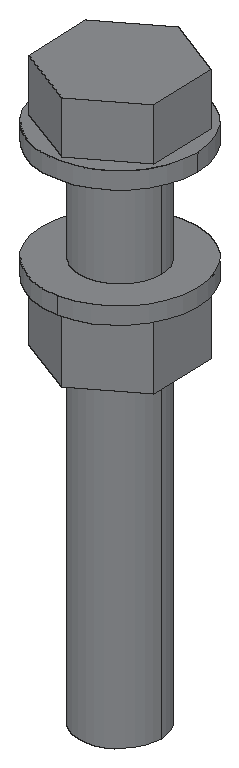
Revit family "Bolt-Assembly-Steel & Tube-ISO Metric", category Structural Connections, host Face, Revit 2017
Family settings
  Host = Face
  Material for Model Behavior = Steel
  OmniClass Number = 23.20.40.11.14.27
  Enable cutting in views = Yes
  Cut with Voids When Loaded = No
  Shared = Yes
Parameters (values of type "M16")
  Width_ANZRS = Nut Cross Section  # 27.713 mm
  Washers [instance] = yes
  Washer Validation [instance] = if(Washer Thickness = 0 mm, 3 mm, Washer Thickness)  # 3.3 mm
  Washer Thickness [instance] = if(not(Washers), 0 mm, if(Bolt Diameter = 3 mm, 0.8 mm, if(Bolt Diameter = 4 mm, 0.9 mm, if(Bolt Diameter = 5 mm, 1.1 mm, if(Bolt Diameter = 6 mm, 1.8 mm, if(Bolt Diameter = 8 mm, 1.8 mm, if(Bolt Diameter = 10 mm, 2.2 mm, if(Bolt Diameter = 12 mm, 2.7 mm, if(Bolt Diameter = 16 mm, 3.3 mm, if(Bolt Diameter = 20 mm, 3.3 mm, if(Bolt Diameter = 24 mm, 4.3 mm, if(Bolt Diameter = 30 mm, 4.3 mm, if(Bolt Diameter = 36 mm, 5.6 mm, 2 mm)))))))))))))  # 3.3 mm
  Washer Diameter = if(Bolt Diameter = 3 mm, 7 mm, if(Bolt Diameter = 4 mm, 9 mm, if(Bolt Diameter = 5 mm, 10 mm, if(Bolt Diameter = 6 mm, 12.5 mm, if(Bolt Diameter = 8 mm, 17 mm, if(Bolt Diameter = 10 mm, 21 mm, if(Bolt Diameter = 12 mm, 24 mm, if(Bolt Diameter = 16 mm, 30 mm, if(Bolt Diameter = 20 mm, 37 mm, if(Bolt Diameter = 24 mm, 44 mm, if(Bolt Diameter = 30 mm, 56 mm, if(Bolt Diameter = 36 mm, 66 mm, 50 mm))))))))))))  # 30 mm
  Uniclass2015Version = "2015"  # constant formula
  Uniclass2015Title = "Cold-formed galvanized steel sections"  # constant formula
  Uniclass2015Code = "Pr_20_76_51_21"  # constant formula
  URL = "http://www.steelandtube.co.nz"
  Type Comments = "Bolt Assembly"  # constant formula
  SpecificationReference = "3411ST"  # constant formula
  SpecificationDescription = "Steel & Tube Purlins & Girts"  # constant formula
  Nut Size = if(Bolt Diameter = 3 mm, 5.5 mm, if(Bolt Diameter = 4 mm, 7 mm, if(Bolt Diameter = 5 mm, 8 mm, if(Bolt Diameter = 6 mm, 10 mm, if(Bolt Diameter = 8 mm, 13 mm, if(Bolt Diameter = 10 mm, 17 mm, if(Bolt Diameter = 12 mm, 19 mm, if(Bolt Diameter = 16 mm, 24 mm, if(Bolt Diameter = 20 mm, 30 mm, if(Bolt Diameter = 24 mm, 36 mm, if(Bolt Diameter = 30 mm, 46 mm, if(Bolt Diameter = 36 mm, 55 mm, 2 mm))))))))))))  # 24 mm
  Nut Cross Section = Nut Size / (cos(30.00°))  # 27.713 mm
  Nut = if(Bolt Diameter = 3 mm, 2.4 mm, if(Bolt Diameter = 4 mm, 3.2 mm, if(Bolt Diameter = 5 mm, 4 mm, if(Bolt Diameter = 6 mm, 5 mm, if(Bolt Diameter = 8 mm, 6.5 mm, if(Bolt Diameter = 10 mm, 8 mm, if(Bolt Diameter = 12 mm, 10 mm, if(Bolt Diameter = 16 mm, 13 mm, if(Bolt Diameter = 20 mm, 16 mm, if(Bolt Diameter = 24 mm, 19 mm, if(Bolt Diameter = 30 mm, 24 mm, if(Bolt Diameter = 36 mm, 29 mm, 2 mm))))))))))))  # 13 mm
  ModifiedIssue_ANZRS = 20160526.01  # constant formula
  Model = if(Bolt Diameter = 3 mm, "M3", if(Bolt Diameter = 4 mm, "M4", if(Bolt Diameter = 5 mm, "M5", if(Bolt Diameter = 6 mm, "M6", if(Bolt Diameter = 8 mm, "M8", if(Bolt Diameter = 10 mm, "M10", if(Bolt Diameter = 12 mm, "M12", if(Bolt Diameter = 16 mm, "M16", if(Bolt Diameter = 20 mm, "M20", if(Bolt Diameter = 24 mm, "M24", if(Bolt Diameter = 30 mm, "M30", if(Bolt Diameter = 36 mm, "M36", "N/A"))))))))))))  # "M16"
  Material_ANZRS = Metal-Steel-450MPa
  Material Thickness [instance] = 20 mm
  ManufacturerURL = "http://www.steelandtube.co.nz"
  ManufacturerName = Manufacturer  # "Steel & Tube"
  Manufacturer = "Steel & Tube"  # constant formula
  Length_ANZRS [instance] = 100 mm
  Length Validation [instance] = if(Length_ANZRS < ((Washer Thickness * 2) + Material Thickness + Nut + 5 mm), (Washer Thickness * 2) + Material Thickness + Nut + 5 mm, Length_ANZRS)  # 100 mm
  Height_ANZRS = Nut Cross Section  # 27.713 mm
  Disclaimer [instance] = "Steel & Tube makes no representations or warranties about the information in this document, including (but not limited to) whether the information, and any materials referred to, are fit for purpose. The user is responsible for ensuring that the information, and any materials referred to, are fit for the purpose for which they are intended to be used. Except as required by law, Steel & Tube is not liable for any cost, loss, claim or expense incurred by any person as a result of any person using or relying on the information in this document."  # constant formula
  Description = "ISO Metric Precision Hexagon Bolt in accordance with BS 3692:2001"  # constant formula
  Default Elevation = 0 mm
  CreatedBy_ANZRS = "Design Content"  # constant formula
  CreatedByURL_ANZRS = "http://www.designcontent.com.au"
  Cove = if(1 = 1, 1.5 * Bolt Diameter, 0 mm)  # 24 mm
  Centreline Size = Nut Size * 2  # 48 mm
  CBIDescription = "Structural steelwork"  # constant formula
  CBICode = "3411"  # constant formula
  Bolt Head = if(Bolt Diameter = 3 mm, 2.125 mm, if(Bolt Diameter = 4 mm, 2.925 mm, if(Bolt Diameter = 5 mm, 3.65 mm, if(Bolt Diameter = 6 mm, 4.15 mm, if(Bolt Diameter = 8 mm, 5.65 mm, if(Bolt Diameter = 10 mm, 7.18 mm, if(Bolt Diameter = 12 mm, 8.18 mm, if(Bolt Diameter = 16 mm, 10.18 mm, if(Bolt Diameter = 20 mm, 13.215 mm, if(Bolt Diameter = 24 mm, 15.215 mm, if(Bolt Diameter = 30 mm, 19.26 mm, if(Bolt Diameter = 36 mm, 23.26 mm, 2 mm))))))))))))  # 10.18 mm
  Bolt Diameter = 16 mm
  Assembly Code = ""
  Arc Height = (Cove / 2) * (1 - (cos((2 * (asin((Cove * tan(30.00°)) / Cove))) / 2)))  # 2.202 mm
Reference planes
  plane 1 "Center (Front/Back)": y = 0
  plane 2 "Surface Top": z = 0
  plane 3 "Center (Left/Right)": x = 0
  plane 4 "Beam Top": y = 13.856
  plane 5 "Beam Bottom": y = -13.856
  plane 6 "Left": x = -13.856
  plane 7 "Right": x = 13.856
  plane 8 "Surface Bottom": z = -20
  plane 9 "Bolt Washer Top": z = 3.3
  plane 10 "Bolt Top": z = 13.48
  plane 11 "Centreline Top": z = 23.48
  plane 12 "Nut Washer Bottom": z = -23.3
  plane 13 "Nut Bottom": z = -36.3
  plane 14 "Bottom": z = -100
  plane 15 "Left Calculated": z = -100
  plane 16 "Centreline Bottom": z = -110
  plane 17: y = 8
  plane 18: y = -8
  plane 19: x = -8
  plane 20: x = 8
Forms (mm)
  Extrusion 1, solid, material "Metal-Steel-450MPa" <- "Material_ANZRS", detail levels fine
    sketch origin (0, 0, 0) x (1, 0, 0) y (0, 1, 0)
      loop
        circle (0, 0) r 8
    from -100 to 3.3
  Extrusion 2, solid, material "Metal-Steel-450MPa" <- "Material_ANZRS", visible <- "Washers", detail levels fine
    sketch origin (0, 0, 0) x (1, 0, 0) y (0, 1, 0)
      loop
        circle (0, 0) r 8
      loop
        circle (0, 0) r 15
    from 0 to 3.3 <- "Washer Validation"
  Extrusion 3, solid, material "Metal-Steel-450MPa" <- "Material_ANZRS", visible <- "Washers", detail levels fine
    sketch origin (0, 1465.263, -23.3) x (0, 1, 0) y (-1, 0, 0)
      loop
        circle (-1465.263, 0) r 8
      loop
        circle (-1465.263, 0) r 15
    from 0 to 3.3 <- "Washer Validation"
  Extrusion 4, solid, material "Metal-Steel-450MPa" <- "Material_ANZRS", detail levels fine
    sketch origin (0, 0, 0) x (1, 0, 0) y (0, 1, 0)
      loop
        line (-12, -6.928) -> (0, -13.856) -> (12, -6.928) -> (12, 6.928) -> (0, 13.856) -> (-12, 6.928) -> (-12, -6.928)
    from 3.3 to 13.48
  Extrusion 5, solid, material "Metal-Steel-450MPa" <- "Material_ANZRS", detail levels fine
    sketch origin (0, 0, 0) x (1, 0, 0) y (0, 1, 0)
      loop
        line (-12, -6.928) -> (0, -13.856) -> (12, -6.928) -> (12, 6.928) -> (0, 13.856) -> (-12, 6.928) -> (-12, -6.928)
      loop
        circle (0, 0) r 8
    from -36.3 to -23.3
Lines and regions (mm)
  model lines, style "Centrelines"
    curve 1: line (0, 0, -110) -> (0, 0, 23.48)
  symbolic lines, style "StructConnectionHiddenLines", detail levels medium+fine
    curve 2: line (0, 8, 3.3) -> (0, 8, -36.3)
    curve 3: line (0, -8, 3.3) -> (0, -8, -36.3)
    curve 4: line (-8, 0, 3.3) -> (-8, 0, -36.3)
    curve 5: line (8, 0, 3.3) -> (8, 0, -36.3)
Dimensions and locks
  equal spacing: plane 5 "Beam Bottom", plane 1 "Center (Front/Back)", plane 4 "Beam Top"
  "Width_ANZRS": plane 5 "Beam Bottom" to plane 4 "Beam Top"
  equal spacing: plane 6 "Left", plane 3 "Center (Left/Right)", plane 7 "Right"
  "Width_ANZRS": plane 6 "Left" to plane 7 "Right"
  "Material Thickness": plane 2 "Surface Top" to plane 8 "Surface Bottom"
  "Washer Thickness": plane 9 "Bolt Washer Top" to plane 2 "Surface Top"
  "Bolt Head": plane 10 "Bolt Top" to plane 9 "Bolt Washer Top"
  locked: plane 11 "Centreline Top" to plane 10 "Bolt Top" at 10
  "Washer Thickness": plane 8 "Surface Bottom" to plane 12 "Nut Washer Bottom"
  "Nut": plane 12 "Nut Washer Bottom" to plane 13 "Nut Bottom"
  "Length_ANZRS": plane 2 "Surface Top" to plane 14 "Bottom"
  "Length Validation": plane 2 "Surface Top" to plane 15 "Left Calculated"
  locked: plane 15 "Left Calculated" to plane 16 "Centreline Bottom" at 10
  equal spacing: Extrusion 4 sketch curve, plane 3 "Center (Left/Right)", Extrusion 4 sketch curve  (x3)
  "Nut Size": Extrusion 4 sketch curve to Extrusion 4 sketch curve  (x3)
  "Nut Size": Extrusion 5 sketch curve to Extrusion 5 sketch curve  (x3)
  equal spacing: Extrusion 5 sketch curve, plane 3 "Center (Left/Right)", Extrusion 5 sketch curve  (x3)
  equal spacing: plane 19, plane 3 "Center (Left/Right)", plane 20
  equal spacing: plane 18, plane 1 "Center (Front/Back)", plane 17
  "Bolt Diameter": plane 18 to plane 17
  "Bolt Diameter": plane 19 to plane 20
  "Bolt Diameter": diameter of Extrusion 1 sketch curve
  "Bolt Diameter": diameter of Extrusion 2 sketch curve
  "Washer Diameter": diameter of Extrusion 2 sketch curve
  "Bolt Diameter": diameter of Extrusion 3 sketch curve
  "Washer Diameter": diameter of Extrusion 3 sketch curve
  "Bolt Diameter": diameter of Extrusion 5 sketch curve
  locked: Extrusion 4 sketch curve to Extrusion 4 sketch curve (angle 120.00°)  (x5)
  locked: Extrusion 5 sketch curve to Extrusion 5 sketch curve (angle 120.00°)  (x5)
  aligned and locked: plane 2 "Surface Top" to host face
  aligned and locked: level to host face
  aligned and locked: plane 3 "Center (Left/Right)" to Extrusion 1 sketch curve
  aligned and locked: plane 1 "Center (Front/Back)" to Extrusion 1 sketch curve
  aligned and locked: Extrusion 1 to plane 15 "Left Calculated"
  aligned and locked: plane 9 "Bolt Washer Top" to Extrusion 1
  aligned and locked: plane 3 "Center (Left/Right)" to Extrusion 2 sketch curve  (x2)
  aligned and locked: plane 1 "Center (Front/Back)" to Extrusion 2 sketch curve  (x2)
  aligned and locked: plane 3 "Center (Left/Right)" to Extrusion 3 sketch curve  (x2)
  aligned and locked: plane 1 "Center (Front/Back)" to Extrusion 3 sketch curve  (x2)
  aligned and locked: Extrusion 4 to plane 9 "Bolt Washer Top"
  aligned and locked: plane 10 "Bolt Top" to Extrusion 4
  aligned and locked: plane 3 "Center (Left/Right)" to Extrusion 5 sketch curve
  aligned and locked: plane 1 "Center (Front/Back)" to Extrusion 5 sketch curve
  aligned and locked: plane 12 "Nut Washer Bottom" to Extrusion 5
  aligned and locked: Extrusion 5 to plane 13 "Nut Bottom"
  aligned and locked: plane 1 "Center (Front/Back)" to curve 1
  aligned and locked: plane 11 "Centreline Top" to curve 1
  aligned and locked: plane 16 "Centreline Bottom" to curve 1
  aligned and locked: plane 9 "Bolt Washer Top" to curve 2
  aligned and locked: plane 13 "Nut Bottom" to curve 2
  aligned and locked: curve 2 to plane 17
  aligned and locked: plane 9 "Bolt Washer Top" to curve 3
  aligned and locked: curve 3 to plane 18
  aligned and locked: plane 13 "Nut Bottom" to Extrusion 5
  aligned and locked: curve 4 to plane 19
  aligned and locked: curve 5 to plane 20
  aligned and locked: plane 9 "Bolt Washer Top" to curve 4
  aligned and locked: plane 9 "Bolt Washer Top" to curve 5
  aligned and locked: plane 13 "Nut Bottom" to curve 4
  aligned and locked: plane 13 "Nut Bottom" to curve 5
Automatic sketch dimensions
  host sketch curve to host sketch curve = 2438.4 mm  (x2)
  curve 3 to plane 13 "Nut Bottom" = 0 mm
